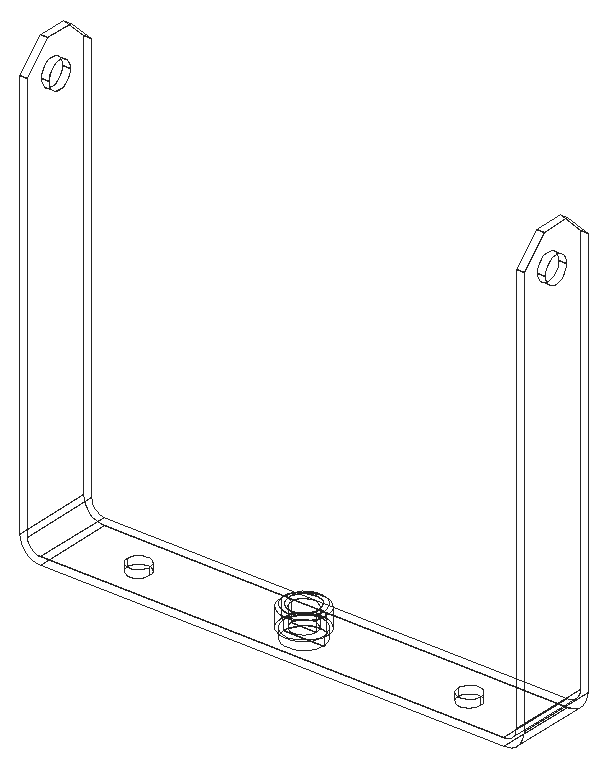
Revit family "1 SOUND_C-Clamp_Cannon Series", category Communication Devices, host Face, Revit 2020
Family settings
  Host = Face
  Maintain Annotation Orientation = No
  Round Connector Dimension = Use Diameter
  Part Type = Normal
  Cut with Voids When Loaded = No
  Shared = No
  Room Calculation Point = No
Parameters (values of type "C4i C-Clamp")
  Width - Overall = 160.00 mm
  Width - Mounting Holes = 52.50 mm
  Weight = ".22 kg"
  URL = "https://www.1-sound.com/cclamps"
  Model = "C-Clamp; C4i"
  Material = "Zinc Plated"  # constant formula
  Manufacturer = "1 SOUND"  # constant formula
  Finish = "Powder Coated or Brushed Stainless Steel"  # constant formula
  Dimensions (HxWxD) = "25.40mm x 160.00mm x 145.00mm"
  Depth - Overall = 145.00 mm
  Default Elevation = 2438.40 mm  # constant formula
  Construction = "Galvanized Steel or Stainless Steel 316"  # constant formula
  Category = "Accessory"  # constant formula
  Accessory Finish [instance] = 1 Sound - Powder Coat_Black
Types (3, lengths in mm): name | Width - Overall | Width - Mounting Holes | Weight | Model | Dimensions (HxWxD) | Depth - Overall
  C6 C-Clamp | 225.00 | 70.00 | ".28 kg" | "C-Clamp; C6" | "25.40mm x 225.00mm x 172.70mm" | 172.70
  C5 C-Clamp | 200.00 | 70.00 | ".26 kg" | "C-Clamp; C5" | "25.40mm x 200.00mm x 167.00mm" | 167.00
  C4i C-Clamp | 160.00 | 52.50 | ".22 kg" | "C-Clamp; C4i" | "25.40mm x 160.00mm x 145.00mm" | 145.00
Reference planes
  plane 1 "Center (Front/Back)": y = 0
  plane 2: z = 0
  plane 3 "Center (Left/Right)": x = 0
  plane 4: x = -80
  plane 5: x = 80
  plane 6: z = 145
  plane 7: z = 122
  plane 8: x = -52.5
  plane 9: x = 52.5
Forms (mm)
  Extrusion 1, solid, material "1 Sound - Powder Coat_Black" <- "Accessory Finish"
    sketch origin (0, 0, 0) x (1, 0, 0) y (0, 0, 1)
      loop
        line (-80, 122) -> (-80, 6.5)
        arc (-80, 6.5) -> (-78.096, 1.904) -> (-73.5, 0) r 6.5
        line (-73.5, 0) -> (73.5, 0)
        arc (73.5, 0) -> (78.096, 1.904) -> (80, 6.5) r 6.5
        line (80, 6.5) -> (80, 122) -> (77.5, 122) -> (77.5, 6.5)
        arc (77.5, 6.5) -> (76.328, 3.672) -> (73.5, 2.5) r 4
        line (73.5, 2.5) -> (-73.5, 2.5)
        arc (-73.5, 2.5) -> (-76.328, 3.672) -> (-77.5, 6.5) r 4
        line (-77.5, 6.5) -> (-77.5, 122) -> (-80, 122)
    from -12.7 to 12.7
  Extrusion 2, solid, material "1 Sound - Powder Coat_Black" <- "Accessory Finish"
    sketch origin (0, 0, 0) x (0, 1, 0) y (0, 0, 1)
      loop
        line (12.7, 137) -> (4.7, 145) -> (-4.7, 145) -> (-12.7, 137) -> (-12.7, 122) -> (12.7, 122) -> (12.7, 137)
      loop
        circle (0, 132.3) r 4.22
    from -80 to -77.5
  Extrusion 3, solid, material "1 Sound - Powder Coat_Black" <- "Accessory Finish"
    sketch origin (0, 0, 0) x (0, 1, 0) y (0, 0, -1)
      loop
        line (12.7, -137) -> (12.7, -122) -> (-12.7, -122) -> (-12.7, -137) -> (-4.7, -145) -> (4.7, -145) -> (12.7, -137)
      loop
        circle (0, -132.3) r 4.22
    from -80 to -77.5
  Revolve 4, solid, material "1 Sound - Powder Coat_Black" <- "Accessory Finish"
    sketch origin (0, 0, 0) x (1, 0, 0) y (0, 0, 1)
      loop
        line (0, -0.548) -> (6.35, -0.548) -> (6.35, 2.5) -> (7.234, 2.5) -> (7.234, 8.442) -> (6.35, 9.326) -> (4.853, 9.326) -> (3.969, 8.442) -> (3.969, 2.5) -> (0, 2.5) -> (0, -0.548)
      axis (0, -0.548) -> (0, 9.326)
    angle from 0 to 360
  Extrusion 5, void
    sketch origin (0, 0, 0) x (1, 0, 0) y (0, 1, 0)
      loop
        circle (-52.5, 0) r 3.6
    from 0 to 2.5
  Extrusion 6, void
    sketch origin (0, 0, 0) x (1, 0, 0) y (0, 1, 0)
      loop
        circle (52.5, 0) r 3.6
    from 0 to 2.5
Cuts and joins
  Extrusion 5, Extrusion 6 cuts Extrusion 1
  Extrusion 5, Extrusion 6 cuts Extrusion 2
  Extrusion 5, Extrusion 6 cuts Extrusion 3
  joined: Extrusion 1, Extrusion 2, Extrusion 3
Dimensions and locks
  equal spacing: plane 4, plane 3 "Center (Left/Right)", plane 5
  "Width - Overall": plane 4 to plane 5
  "Depth - Overall": plane 6 to host face
  locked: plane 6 to plane 7 at 23
  locked: plane 4 to cut or joined group of Extrusion 1, Extrusion 2, Extrusion 3, Extrusion 5, Extrusion 6 at 2.5
  locked: cut or joined group of Extrusion 1, Extrusion 2, Extrusion 3, Extrusion 5, Extrusion 6 to plane 5 at 2.5
  equal spacing: plane 8, plane 3 "Center (Left/Right)", plane 9
  "Width - Mounting Holes": plane 8 to plane 3 "Center (Left/Right)"
  "Width - Mounting Holes": plane 3 "Center (Left/Right)" to plane 9
  aligned and locked: plane 2 to host face
  aligned and locked: level to host face
  aligned and locked: Extrusion 1 sketch curve to plane 7
  aligned and locked: plane 7 to Extrusion 1 sketch curve
  aligned and locked: plane 6 to Extrusion 2 sketch curve
  aligned and locked: Extrusion 2 sketch curve to plane 7
  aligned and locked: Extrusion 3 sketch curve to plane 6
  aligned and locked: plane 7 to Extrusion 3 sketch curve
  aligned and locked: plane 4 to Extrusion 2
  aligned and locked: Extrusion 3 to plane 5
  aligned and locked: Extrusion 1 to Extrusion 2
Automatic sketch dimensions
  host sketch curve to host sketch curve = 2438.40 mm  (x2)
  Extrusion 1 sketch curve to Extrusion 1 sketch curve = 0.00 mm  (x4)
  plane 4 to Extrusion 1 sketch curve = 0.00 mm
  Extrusion 1 sketch curve to level = 0.00 mm
  plane 5 to Extrusion 1 sketch curve = 0.00 mm
  Extrusion 1 sketch curve to Extrusion 1 sketch curve = 2.50 mm
  Extrusion 1 sketch curve to Extrusion 1 sketch curve = 4.00 mm
  plane 5 to Extrusion 1 sketch curve = 6.50 mm
  Extrusion 2 sketch curve to plane 1 "Center (Front/Back)" = 0.00 mm
  plane 1 "Center (Front/Back)" to Extrusion 2 sketch curve = 4.70 mm
  Extrusion 2 sketch curve to Extrusion 2 sketch curve = 8.00 mm
  Extrusion 2 sketch curve to plane 1 "Center (Front/Back)" = 4.70 mm
  Extrusion 2 sketch curve to plane 1 "Center (Front/Back)" = 12.70 mm
  plane 7 to Extrusion 2 sketch curve = 10.30 mm
  Extrusion 2 sketch curve to plane 6 = 8.00 mm  (x2)
  Extrusion 3 sketch curve to plane 1 "Center (Front/Back)" = 0.00 mm
  plane 1 "Center (Front/Back)" to Extrusion 3 sketch curve = 4.70 mm
  Extrusion 3 sketch curve to Extrusion 3 sketch curve = 8.00 mm
  Extrusion 3 sketch curve to plane 1 "Center (Front/Back)" = 4.70 mm
  Extrusion 3 sketch curve to plane 1 "Center (Front/Back)" = 12.70 mm
  Extrusion 3 sketch curve to plane 6 = 8.00 mm  (x2)
  plane 7 to Extrusion 3 sketch curve = 10.30 mm
  Revolve 4 sketch curve to plane 3 "Center (Left/Right)" = 0.00 mm  (x2)
  Revolve 4 sketch curve to Revolve 4 sketch curve = 0.884 mm  (x5)
  Revolve 4 sketch curve to level = 0.548 mm
  level to Revolve 4 sketch curve = 2.50 mm
  Revolve 4 sketch curve to Revolve 4 sketch curve = 0.00 mm  (x3)
  Revolve 4 sketch curve to Revolve 4 sketch curve = 5.942 mm
  plane 3 "Center (Left/Right)" to Revolve 4 sketch curve = 3.969 mm
  Revolve 4 sketch curve to Revolve 4 sketch curve = 2.381 mm
  plane 1 "Center (Front/Back)" to Extrusion 5 sketch curve = 0.00 mm
  Extrusion 5 sketch curve to plane 8 = 0.00 mm
  plane 1 "Center (Front/Back)" to Extrusion 6 sketch curve = 0.00 mm
  Extrusion 6 sketch curve to plane 9 = 0.00 mm
  radius of Extrusion 2 sketch curve = 4.22 mm
  radius of Extrusion 3 sketch curve = 4.22 mm
  radius of Extrusion 5 sketch curve = 3.60 mm
  radius of Extrusion 6 sketch curve = 3.60 mm
